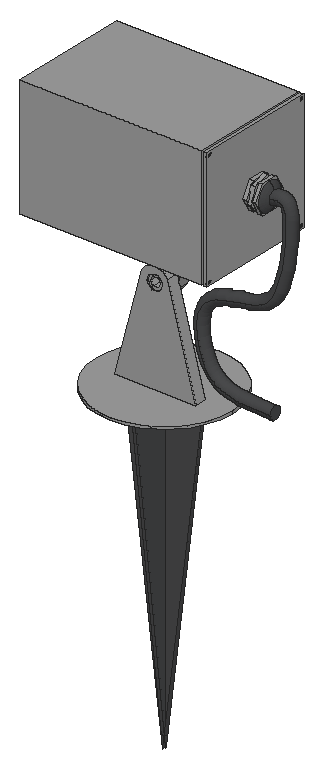
Revit family "LED GARDEN QUBO_LZ6877WW", category Luminarias, Revit 2019
Family settings
  Cota de conector redondo = Diámetro de uso
  Tipo de pieza = Normal
  Se basa en plano de trabajo = Sí
  Siempre vertical = No
  Corte con vacíos al cargar = No
  Origen de luz = Sí
  Compartido = No
  Punto de cálculo de habitación = No
Parameters (values of type "LED GARDEN QUBO_LZ6877WW")
  Ángulo de inclinación = 60.00°
  Ángulo de enfoque = 45.00°
  Ángulo de campo de foco = 45.00°
  Zone [instance] = ""
  Watt per fixture = 4
  Wattage = 4 W
  built-in parameter 1150107 = 3000 (stored number, unit not read)
  built-in parameter 1150110 = 1 (stored number, unit not read)
  built-in parameter 1150109 = 1 (stored number, unit not read)
  built-in parameter 1150112 = 1 (stored number, unit not read)
  built-in parameter 1150113 = 1 (stored number, unit not read)
  built-in parameter 1114218 = 1 (stored number, unit not read)
  Keynote = ""
  built-in parameter 1150137 = (empty or 0)
  built-in parameter 1150132 = (empty or 0)
  Modelo = "LZ6877WW"
  Lámpara = "EDISON"
  Longitud de símbolo de origen de luz = 500 mm
  Longitud [instance] = 1000 mm
  built-in parameter 1150105 = 738.66 (stored number, unit not read)
  built-in parameter 1150102 = (empty or 0)
  built-in parameter 1150106 = 7.3866 (stored number, unit not read)
  Lumens = 256 lm
  Color Filter = 16777215
  built-in parameter 1114217 = 1 (stored number, unit not read)
  built-in parameter 1150139 = (empty or 0)
  Fabricante = "BRILLANT"
  Default Elevation = 0 mm
  built-in parameter 1150104 = 5.9458 (stored number, unit not read)
  Descripción = "LUMINARIA DE JARDIN CON ESTACA, CUERPO DE ALUMINIO ACABADO EN COLOR GRIS CLARO CON UN PESO DE 1KG, USO PARA INTERIORES Y EXTERIORES IP 65, 4 LED TIPO EDISON CON UNA POTENCIA DE 4W, IRC 80, 320 LUMENES, TEMPERATURA EN BLANCO CALIDO 3000K, EFICIENCIA DE 64 LM/W, APERTURA DE 45 GRADOS POR STOCK, CABLE DE 1.0M H05RN-F, CORRIENTE DE OPERACIÓN 350mA, ALIMENTADO A 90-240V."
  built-in parameter 1150115 = 1 (stored number, unit not read)
  built-in parameter 1150114 = 1 (stored number, unit not read)
  Comentarios de vataje = "90-240V"
  built-in parameter 1150138 = (empty or 0)
  built-in parameter 1150134 = (empty or 0)
  Circuit [instance] = ""
  Dimming Lamp Color Temperature Shift = (empty or 0)
  built-in parameter 1150133 = 10 (stored number, unit not read)
Reference planes
  plane 1 "Centro (Frontal/Posterior)": y = 0
  plane 2: z = 0
  plane 3 "Centro (Izquierda/Derecha)": x = 0
  plane 4: z = -170.046
  plane 5: z = 138.92
  plane 6: z = 75.92
  plane 7: through (3300.543, -36.962, -2608.121) normal (0.6293, 0, 0.7771)
  plane 8: through (3336.403, -36.962, -2563.837) normal (0.6293, 0, 0.7771)
  plane 9: y = -26.5
  plane 10: y = 26.5
  plane 11: z = 80.92
  plane 12: z = 133.92
  plane 13: z = 135.437
  plane 14: z = 79.42
  plane 15: y = 28
  plane 16: y = -28.009
Forms (mm)
  Extrusion 1, solid, material "Plastico"
    sketch origin (0, 0.339, 0) x (1, 0, 0) y (0, 0, -1)
      loop
        line (21, 1.177) -> (0, 170.046) -> (-21, 1.177) -> (21, 1.177)
    from -1.116 to 0.438
  Extrusion 2, solid, material "Aluminio"
    sketch origin (0, 0, 0) x (1, 0, 0) y (0, 1, 0)
      loop
        circle (0, 0) r 35.5
    from -1.177 to 0
  Extrusion 3, solid, material "Cristal"
    sketch origin (24.915, 0, 231.553) x (0, 0, -1) y (0, -1, 0)
      loop
        line (97.634, 26.5) -> (97.634, -26.5) -> (150.634, -26.5) -> (150.634, 26.5) -> (97.634, 26.5)
    from 71.265 to 71.921
  Extrusion 4, solid, material "Aluminio"
    sketch origin (0, 12.96, 0) x (1, 0, 0) y (0, 0, -1)
      loop
        arc (-6.655, -54.133) -> (0, -57.976) -> (6.655, -54.133) r 7.685
        line (6.655, -54.133) -> (21.16, 0) -> (-21.16, 0) -> (-6.655, -54.133)
      loop
        circle (0, -50.291) r 4.061
    from -19.108 to -12.96
  Revolve 5, solid
    sketch origin (32.128, -13.512, -14.088) x (0, 0, 1) y (1, 0, 0)
      loop
        spline (105.714, -77.128) -> (106.844, -77.085) -> (107.955, -76.958) -> (109.027, -76.748) -> (110.043, -76.458) -> (110.984, -76.095) -> (111.835, -75.664) -> (112.582, -75.172) -> (113.211, -74.628) -> (113.712, -74.042) -> (114.076, -73.422) -> (114.297, -72.781) -> (114.371, -72.128)
        line (114.371, -72.128) -> (105.714, -72.128) -> (105.714, -77.128)
      axis (105.714, -72.128) -> (105.714, -77.128)
    angle from 0 to 360
  Extrusion 6, solid, material "Plastico"
    sketch origin (0.339, 0, 0) x (0, -1, 0) y (0, 0, -1)
      loop
        line (21, 1.177) -> (0, 170.046) -> (-21, 1.177) -> (21, 1.177)
    from -1.116 to 0.438
  Extrusion 7, solid, material "Aluminio"
    sketch origin (0, 0, 0) x (1, 0, 0) y (0, 1, 0)
      loop
        line (-50.174, 31.5) -> (-50.174, -31.5) -> (44.826, -31.5) -> (44.826, 31.5) -> (-50.174, 31.5)
    from 75.92 to 138.92
  Extrusion 8, solid, material "Aluminio"
    sketch origin (0, 19.21, 100.582) x (-1, 0, 0) y (0, 0, 1)
      loop
        arc (-6.655, -54.133) -> (0, -57.976) -> (6.655, -54.133) r 7.685
        line (6.655, -54.133) -> (14.552, -24.662) -> (-14.552, -24.662) -> (-6.655, -54.133)
      loop
        circle (0, -50.291) r 4.061
    from -19.108 to -12.96
  Extrusion 9, void
    sketch origin (-25.113, 0, 15.983) x (0, 0, 1) y (0, -1, 0)
      loop
        line (117.937, 26.5) -> (64.937, 26.5) -> (64.937, -26.5) -> (117.937, -26.5) -> (117.937, 26.5)
    from -28.704 to -14.887
  Revolve 10, solid
    sketch origin (32.128, 13.512, -14.088) x (0, 0, 1) y (-1, 0, 0)
      loop
        line (105.714, 77.128) -> (105.714, 72.128) -> (114.371, 72.128)
        spline (114.371, 72.128) -> (114.297, 72.781) -> (114.076, 73.422) -> (113.712, 74.042) -> (113.211, 74.628) -> (112.582, 75.172) -> (111.835, 75.664) -> (110.984, 76.095) -> (110.043, 76.458) -> (109.027, 76.748) -> (107.955, 76.958) -> (106.844, 77.085) -> (105.714, 77.128)
      axis (105.714, 72.128) -> (105.714, 77.128)
    angle from 0 to 360
  Revolve 11, solid
    sketch origin (32.128, -13.512, 228.927) x (0, 0, -1) y (-1, 0, 0)
      loop
        line (105.714, 77.128) -> (105.714, 72.128) -> (114.371, 72.128)
        spline (114.371, 72.128) -> (114.297, 72.781) -> (114.076, 73.422) -> (113.712, 74.042) -> (113.211, 74.628) -> (112.582, 75.172) -> (111.835, 75.664) -> (110.984, 76.095) -> (110.043, 76.458) -> (109.027, 76.748) -> (107.955, 76.958) -> (106.844, 77.085) -> (105.714, 77.128)
      axis (105.714, 72.128) -> (105.714, 77.128)
    angle from 0 to 360
  Revolve 12, solid
    sketch origin (32.128, 13.512, 228.927) x (0, 0, -1) y (1, 0, 0)
      loop
        spline (105.714, -77.128) -> (106.844, -77.085) -> (107.955, -76.958) -> (109.027, -76.748) -> (110.043, -76.458) -> (110.984, -76.095) -> (111.835, -75.664) -> (112.582, -75.172) -> (113.211, -74.628) -> (113.712, -74.042) -> (114.076, -73.422) -> (114.297, -72.781) -> (114.371, -72.128)
        line (114.371, -72.128) -> (105.714, -72.128) -> (105.714, -77.128)
      axis (105.714, -72.128) -> (105.714, -77.128)
    angle from 0 to 360
  Extrusion 13, solid, material "Aluminio"
    sketch origin (-36.859, 0, 6.512) x (0, 0, 1) y (0, -1, 0)
      loop
        line (69.408, 31.5) -> (69.408, -31.5) -> (132.408, -31.5) -> (132.408, 31.5) -> (69.408, 31.5)
    from 82.645 to 84.359
  Extrusion 14, void
    sketch origin (-14.69, 0, 19.674) x (0, 0, 1) y (0, -1, 0)
      loop
        line (115.764, -28) -> (115.764, 28.009) -> (59.746, 28.009) -> (59.746, -28) -> (115.764, -28)
      loop
        line (114.246, 26.5) -> (61.246, 26.5) -> (61.246, -26.5) -> (114.246, -26.5) -> (114.246, 26.5)
    from -35.484 to -33.44
  Extrusion 15, void
    sketch origin (-60.655, 0, -6.29) x (0, 0, 1) y (0, -1, 0)
      loop
        circle (143.427, 29.981) r 1.191
      loop
        circle (143.427, -29.981) r 1.191
      loop
        circle (83.992, 29.981) r 1.191
      loop
        circle (83.992, -29.981) r 1.191
    from 107.293 to 108.155
  Extrusion 16, solid, material "Aluminio"
    sketch origin (-60.908, 0, -2.004) x (0, 0, 1) y (0, -1, 0)
      loop
        circle (139.141, 29.981) r 1.068
      loop
        line (139.141, 30.789) -> (138.441, 30.385) -> (138.441, 29.577) -> (139.141, 29.173) -> (139.841, 29.577) -> (139.841, 30.385) -> (139.141, 30.789)
      loop
        circle (139.141, -29.981) r 1.068
      loop
        line (139.141, -30.789) -> (139.841, -30.385) -> (139.841, -29.577) -> (139.141, -29.173) -> (138.441, -29.577) -> (138.441, -30.385) -> (139.141, -30.789)
      loop
        circle (79.707, 29.981) r 1.068
      loop
        line (79.707, 30.789) -> (79.007, 30.385) -> (79.007, 29.577) -> (79.707, 29.173) -> (80.407, 29.577) -> (80.407, 30.385) -> (79.707, 30.789)
      loop
        circle (79.707, -29.981) r 1.068
      loop
        line (79.707, -30.789) -> (80.407, -30.385) -> (80.407, -29.577) -> (79.707, -29.173) -> (79.007, -29.577) -> (79.007, -30.385) -> (79.707, -30.789)
    from 107.546 to 108.261
  Extrusion 17, solid, material "Aluminio"
    sketch origin (-36.552, -18.481, 7.401) x (0, 0.173648, 0.984808) y (0, -0.984808, 0.173648)
      loop
        line (103.195, -9.265) -> (109.754, -3.761) -> (108.267, 4.672) -> (100.221, 7.6) -> (93.662, 2.096) -> (95.149, -6.337) -> (103.195, -9.265)
    from 84.052 to 86.552
  Extrusion 18, solid, material "Aluminio"
    sketch origin (-36.552, -83.792, 49.764) x (0, 0.819152, 0.573576) y (0, -0.573576, 0.819152)
      loop
        line (103.195, -9.265) -> (109.754, -3.761) -> (108.267, 4.672) -> (100.221, 7.6) -> (93.662, 2.096) -> (95.149, -6.337) -> (103.195, -9.265)
    from 86.552 to 89.052
  Extrusion 19, solid, material "Aluminio"
    sketch origin (-36.552, -18.481, 7.401) x (0, 0.173648, 0.984808) y (0, -0.984808, 0.173648)
      loop
        line (103.195, -9.265) -> (109.754, -3.761) -> (108.267, 4.672) -> (100.221, 7.6) -> (93.662, 2.096) -> (95.149, -6.337) -> (103.195, -9.265)
    from 89.052 to 91.378
  Revolve 20, solid, material "Default Form"
    sketch origin (0, 0, 0) x (1, 0, 0) y (0, 0, 1)
      loop
        line (54.826, 107.42) -> (56.151, 107.42) -> (56.151, 110.846) -> (57.201, 110.846)
        arc (57.201, 110.846) -> (56.229, 112.969) -> (54.826, 114.835) r 10.85
        line (54.826, 114.835) -> (54.826, 107.42)
      axis (54.826, 107.42) -> (57.201, 107.42)
    angle from 0 to 360
  Sweep 21, solid, material "Plastico"
    path origin (0, 0, 0) x (1, 0, 0) y (0, 0, 1)
      loop
        spline (56.151, 107.42) -> (65.003, 106.349) -> (66.157, 94.104) -> (64.254, 77.69) -> (59.374, 63.341) -> (50.348, 55.991) -> (38.908, 53.612) -> (28.28, 50.702) -> (21.149, 43.669) -> (19.779, 30.511) -> (24.807, 16.085) -> (36.309, 8.448) -> (57.913, 6.944)
    profile origin (38.908, 0, 53.612) x (0.153714, 0, -0.988115) y (0, -1, 0)
      loop
        circle (0, 0) r 3.208
  Extrusion 22, solid, material "Aluminio"
    sketch origin (0, 0, 0) x (1, 0, 0) y (0, 0, 1)
      loop
        circle (0, 50.291) r 3.588
      loop
        line (-2.818, 50.291) -> (-1.409, 47.851) -> (1.409, 47.851) -> (2.818, 50.291) -> (1.409, 52.731) -> (-1.409, 52.731) -> (-2.818, 50.291)
    from -5.714 to 5.606
Cuts and joins
  Extrusion 9, Extrusion 14 cuts Extrusion 7
  Extrusion 14 cuts Extrusion 3
  Extrusion 14 cuts Revolve 11
  Extrusion 14 cuts Revolve 12
  Extrusion 15 cuts Extrusion 13
Dimensions and locks
  plane 2 to plane 4 = 170.046 mm
  Extrusion 7 to Extrusion 7 = 63 mm  (x2)
  locked: Extrusion 7 to Extrusion 7 at 95
  Extrusion 7 to Extrusion 7 = 95 mm
  locked: plane 5 to plane 6 at 63
  locked: plane 5 to plane 12 at 5
  locked: plane 11 to plane 6 at 5
  locked: plane 10 to cut or joined group of Extrusion 7, Extrusion 9, Extrusion 14 at 5
  locked: cut or joined group of Extrusion 7, Extrusion 9, Extrusion 14 to plane 9 at 5
  plane 11 to plane 14 = 1.5 mm
  plane 13 to plane 12 = 1.518 mm
  locked: plane 16 to plane 9 at 1.509
  locked: plane 10 to plane 15 at 1.5
  plane 5 to level = 138.92 mm
  aligned and locked: level to plane 2
  aligned and locked: Extrusion 2 to Extrusion 1 sketch curve
  aligned and locked: plane 5 to Extrusion 7
  aligned and locked: Extrusion 7 to plane 6
  aligned and locked: Extrusion 9 sketch curve to plane 12
  aligned and locked: plane 11 to Extrusion 9 sketch curve
  aligned and locked: Extrusion 9 sketch curve to plane 10
  aligned and locked: plane 9 to Extrusion 9 sketch curve
  aligned and locked: Extrusion 3 sketch curve to cut or joined group of Extrusion 7, Extrusion 9, Extrusion 14  (x4)
  aligned and locked: Extrusion 13 sketch curve to cut or joined group of Extrusion 7, Extrusion 9, Extrusion 14  (x4)
  aligned and locked: Extrusion 14 sketch curve to plane 15
  aligned and locked: Extrusion 14 sketch curve to plane 16
  aligned and locked: Extrusion 14 sketch curve to plane 14
  aligned and locked: plane 13 to Extrusion 14 sketch curve
  aligned and locked: Extrusion 14 sketch curve to cut or joined group of Extrusion 7, Extrusion 9, Extrusion 14  (x4)
  aligned and locked: cut or joined group of Extrusion 7, Extrusion 9, Extrusion 14 to Extrusion 14
Connectors
  electrical at (57.913, 0, 6.944)
    settings: on Sweep 21, index 1, voltage 240 V, apparent load 0 VA, apparent load phase1 0 VA, apparent load phase2 0 VA, apparent load phase3 0 VA, power factor 1, load classification "Otro", number of poles 1, system type 31, power factor state 1, is connector primary yes, connector utility no, sub classification motor no, connector description ""
